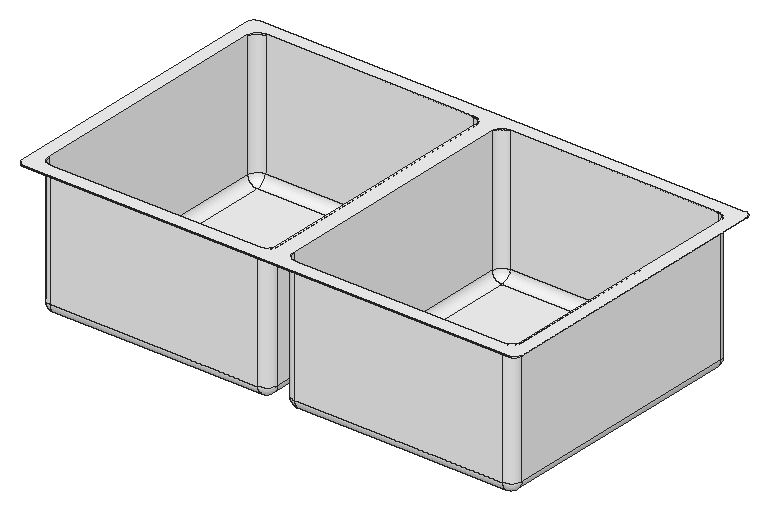
Revit family "NBS_AndersonGECLtd_Snks_SeriesA_Double", category Plumbing Fixtures, host Face, Revit 2017
Family settings
  Host = Face
  Round Connector Dimension = Use Diameter
  Part Type = Normal
  Cut with Voids When Loaded = No
  Shared = No
  Room Calculation Point = No
Parameters (values of type "AD34")
  Waste Connection = yes
  WarrantyStartDate [instance] = "1900-12-31T23:59:59"
  WarrantyGuarantorParts = "n/a"
  WarrantyGuarantorLabor = "n/a"
  WarrantyDurationUnit = "year"
  WarrantyDurationParts = "n/a"
  WarrantyDurationLabor = "n/a"
  WarrantyDescription = "n/a"
  WFU = 0
  Version = "1"  # constant formula
  Vent Connection = no
  Uniclass2015Version = "Products v1.11"
  Uniclass2015Title = "Sinks"
  Uniclass2015Code = "Pr_40_20_96_81"
  TagNumber [instance] = "n/a"
  SustainabilityPerformance = "100% Recyclable"
  Size = "745 x 440 x 200 mm"
  SinkType = "Other"
  SinkMaterial = NBS_Concept
  SinkLevel [instance] = if(IsFlushmount, 1 mm, if(IsUndermount, CountertopThickness + 1 mm, 0 mm))  # 0 mm
  Shape = "Rectangle"
  SerialNumber [instance] = "n/a"
  Revision = "n/a"
  ReplacementCost = "n/a"
  ProductInformation = "http://www.gecanderson.co.uk/product/individual-bowls/a-series/index.html"
  Partition = "25 mm"
  Name = "Sinks_AD34_AndersonGECLtd"
  NBSReference = "45-35-70/344"
  NBSDescription = "Sinks"
  NBSCertification = "www.nationalbimlibrary.com/cert/yxecqxwy"
  Mounting = "Inset, undermount, flushmount"
  ModelReference = "AD34"
  ModelNumber = "34"
  Material = "Stainless steel"
  ManufacturerURL = "www.gecanderson.co.uk"
  ManufacturerName = "Anderson, GEC Ltd"  # constant formula
  Manufacturer = "info@gecanderson.co.uk"  # constant formula
  InstallationDate [instance] = "1900-12-31T23:59:59"
  IfcExportType = "SINK"  # constant formula
  IfcExportAs = "IfcSanitaryTerminalType"  # constant formula
  Grade = "n/a"
  Form = "Double bowled sink"
  FlatFlange = "20 mm with corner radius of 10 mm"
  Finish = "Bright satin"
  Features = "Can be integrated with stainless steel worktops, basket strainer waste and , overflow fittings included"
  ExpectedLife = "30 years"
  DurationUnit = "year"
  DrainSize = 89 mm
  DrainDiameter = 89 mm
  Description = "Double bowled stainless steel sink"
  CornerRadius = 15 mm
  Constituents = "n/a"
  Color = "n/a"
  CodePerformance = "EN 1.4301"
  Category = "Pr_40_20_96_81:Sinks"
  BowlWidthRight = 340 mm
  BowlHeightRight = 200 mm
  NominalWidth = BowlWidthLeft + BowlWidthRight + 65 mm  # 745 mm
  NominalLength = BowlDepth + 40 mm  # 440 mm
  NominalHeight = if(BowlHeightLeft > BowlHeightRight, BowlHeightLeft, BowlHeightRight)  # 200 mm
  MountingOffset [instance] = if(IsUndermount, CountertopThickness, 0 mm)  # 0 mm
  BowlWidthLeft = 340 mm
  BowlDepth = 400 mm
  BowlHeightLeft = 200 mm
  IsUndermount [instance] = no
  IsInset [instance] = yes
  IsFlushmount [instance] = no
  HW Connection = no
  Default Elevation = 0 mm
  CutoutWidth [instance] = if(IsUndermount, BowlWidthLeft + BowlWidthRight + 25 mm, BowlWidthLeft + BowlWidthRight + 35 mm)  # 715 mm
  CutoutLength [instance] = if(IsUndermount, BowlDepth, BowlDepth + 10 mm)  # 410 mm
  CountertopThickness [instance] = 0 mm
  CW Connection = no
  BarCode [instance] = "n/a"
  BIMObjectName = "NBS_AndersonGECLtd_Sinks_AD34"
  Author = "NBS"  # constant formula
  AssetType = "Fixed"
  AssetIdentifier [instance] = "n/a"
  AccessibilityPerformance = "n/a"
Reference planes
  plane 1 "Center (Front/Back)": y = 0
  plane 2: z = 0
  plane 3 "Center (Left/Right)": x = 0
  plane 4 "Bowl1Left": x = -352.5
  plane 5 "Bowl2Right": x = 352.5
  plane 6 "BowlBack": y = 200
  plane 7 "BowlFront": y = -200
  plane 8 "FlangeBack": y = 220
  plane 9 "FlangeFront": y = -220
  plane 10 "FlangeLeft": x = -372.5
  plane 11 "FlangeRight": x = 372.5
  plane 12 "Top": z = 1
  plane 13: z = 1
  plane 14 "LeftBowlBottom": z = -199
  plane 15: z = -204
  plane 16 "Drain": y = 81
  plane 17 "CutoutLeft": x = -357.5
  plane 18 "CutoutRight": x = 357.5
  plane 19 "CutoutBack": y = 205
  plane 20 "CutoutFront": y = -205
  plane 21 "Bowl1Right": x = -12.5
  plane 22 "Bowl2Left": x = 12.5
  plane 23 "Bowl1Centre": x = -182.5
  plane 24 "Bowl2Centre": x = 182.5
  plane 25 "RightBowlBottom": z = -199
  plane 26: z = -204
Forms (mm)
  Extrusion 1, solid, material "NBS_Concept" <- "SinkMaterial", detail levels medium+fine
    sketch origin (-1476.518, -4572, 1) x (-1, 0, 0) y (0, -1, 0)
      loop
        line (-1104.018, -4782) -> (-1104.018, -4362)
        arc (-1104.018, -4362) -> (-1106.947, -4354.929) -> (-1114.018, -4352) r 10
        line (-1114.018, -4352) -> (-1839.018, -4352)
        arc (-1839.018, -4352) -> (-1846.089, -4354.929) -> (-1849.018, -4362) r 10
        line (-1849.018, -4362) -> (-1849.018, -4782)
        arc (-1849.018, -4782) -> (-1846.089, -4789.071) -> (-1839.018, -4792) r 10
        line (-1839.018, -4792) -> (-1114.018, -4792)
        arc (-1114.018, -4792) -> (-1106.947, -4789.071) -> (-1104.018, -4782) r 10
      loop
        arc (-1829.018, -4757) -> (-1824.625, -4767.607) -> (-1814.018, -4772) r 15
        line (-1814.018, -4772) -> (-1504.018, -4772)
        arc (-1504.018, -4772) -> (-1493.411, -4767.607) -> (-1489.018, -4757) r 15
        line (-1489.018, -4757) -> (-1489.018, -4387)
        arc (-1489.018, -4387) -> (-1493.411, -4376.393) -> (-1504.018, -4372) r 15
        line (-1504.018, -4372) -> (-1814.018, -4372)
        arc (-1814.018, -4372) -> (-1824.625, -4376.393) -> (-1829.018, -4387) r 15
        line (-1829.018, -4387) -> (-1829.018, -4757)
      loop
        arc (-1139.018, -4772) -> (-1128.411, -4767.607) -> (-1124.018, -4757) r 15
        line (-1124.018, -4757) -> (-1124.018, -4387)
        arc (-1124.018, -4387) -> (-1128.411, -4376.393) -> (-1139.018, -4372) r 15
        line (-1139.018, -4372) -> (-1449.018, -4372)
        arc (-1449.018, -4372) -> (-1459.625, -4376.393) -> (-1464.018, -4387) r 15
        line (-1464.018, -4387) -> (-1464.018, -4757)
        arc (-1464.018, -4757) -> (-1459.625, -4767.607) -> (-1449.018, -4772) r 15
        line (-1449.018, -4772) -> (-1139.018, -4772)
    from 0 to -1
  Sweep 2, solid, material "NBS_Concept" <- "SinkMaterial", detail levels medium+fine
    path origin (-1476.518, -4572, 1) x (-1, 0, 0) y (0, -1, 0)
      loop
        line (-1124.018, -4757) -> (-1124.018, -4387)
        arc (-1124.018, -4387) -> (-1128.411, -4376.393) -> (-1139.018, -4372) r 15
        line (-1139.018, -4372) -> (-1449.018, -4372)
        arc (-1449.018, -4372) -> (-1459.625, -4376.393) -> (-1464.018, -4387) r 15
        line (-1464.018, -4387) -> (-1464.018, -4757)
        arc (-1464.018, -4757) -> (-1459.625, -4767.607) -> (-1449.018, -4772) r 15
        line (-1449.018, -4772) -> (-1139.018, -4772)
        arc (-1139.018, -4772) -> (-1128.411, -4767.607) -> (-1124.018, -4757) r 15
    profile origin (-352.5, 0, 1) x (1, 0, 0) y (0, 0, 1)
      loop
        line (0, 0) -> (-1, 0) -> (-1, -186)
        arc (-1, -186) -> (3.393, -196.607) -> (14, -201) r 15
        line (14, -201) -> (14, -200)
        arc (14, -200) -> (4.101, -195.899) -> (0, -186) r 14
        line (0, -186) -> (0, 0)
  Extrusion 3, solid, material "NBS_Concept" <- "SinkMaterial", detail levels medium+fine
    sketch origin (-1388.076, -4572, -199) x (-1, 0, 0) y (0, -1, 0)
      loop
        arc (-1049.576, -4387) -> (-1049.869, -4386.293) -> (-1050.576, -4386) r 1
        line (-1050.576, -4386) -> (-1360.576, -4386)
        arc (-1360.576, -4386) -> (-1361.283, -4386.293) -> (-1361.576, -4387) r 1
        line (-1361.576, -4387) -> (-1361.576, -4757)
        arc (-1361.576, -4757) -> (-1361.283, -4757.707) -> (-1360.576, -4758) r 1
        line (-1360.576, -4758) -> (-1050.576, -4758)
        arc (-1050.576, -4758) -> (-1049.869, -4757.707) -> (-1049.576, -4757) r 1
        line (-1049.576, -4757) -> (-1049.576, -4387)
    from 0 to -1
  Extrusion 4, solid, material "NBS_Concept" <- "SinkMaterial", detail levels medium+fine
    sketch origin (-1388.076, -4572, -199) x (-1, 0, 0) y (0, -1, 0)
      loop
        circle (-1205.576, -4653) r 44.5
    from 0 to -5
  Extrusion 5, solid, material "NBS_Concept" <- "SinkMaterial", detail levels coarse
    sketch origin (-1476.518, -4572, 1) x (-1, 0, 0) y (0, -1, 0)
      loop
        line (-1104.018, -4792) -> (-1104.018, -4352) -> (-1849.018, -4352) -> (-1849.018, -4792) -> (-1104.018, -4792)
    from 0 to -1
  Extrusion 6, solid, material "NBS_Concept" <- "SinkMaterial", detail levels coarse
    sketch origin (-1476.518, -4572, 1) x (-1, 0, 0) y (0, -1, 0)
      loop
        arc (-1123.018, -4387) -> (-1127.704, -4375.686) -> (-1139.018, -4371) r 16
        line (-1139.018, -4371) -> (-1449.018, -4371)
        arc (-1449.018, -4371) -> (-1460.332, -4375.686) -> (-1465.018, -4387) r 16
        line (-1465.018, -4387) -> (-1465.018, -4757)
        arc (-1465.018, -4757) -> (-1460.332, -4768.314) -> (-1449.018, -4773) r 16
        line (-1449.018, -4773) -> (-1139.018, -4773)
        arc (-1139.018, -4773) -> (-1127.704, -4768.314) -> (-1123.018, -4757) r 16
        line (-1123.018, -4757) -> (-1123.018, -4387)
    from 0 to -205
  Extrusion 7, void
    sketch origin (0, 0, 0) x (1, 0, 0) y (0, 1, 0)
      loop
        line (-357.5, 190) -> (-357.5, -190)
        arc (-357.5, -190) -> (-353.107, -200.607) -> (-342.5, -205) r 15
        line (-342.5, -205) -> (342.5, -205)
        arc (342.5, -205) -> (353.107, -200.607) -> (357.5, -190) r 15
        line (357.5, -190) -> (357.5, 190)
        arc (357.5, 190) -> (353.107, 200.607) -> (342.5, 205) r 15
        line (342.5, 205) -> (-342.5, 205)
        arc (-342.5, 205) -> (-353.107, 200.607) -> (-357.5, 190) r 15
    from 0 to -204
  Extrusion 8, void
    sketch origin (-1476.518, -4572, 1) x (0, -1, 0) y (-1, 0, 0)
      loop
        line (-4772, -1139.018) -> (-4772, -1449.018)
        arc (-4772, -1449.018) -> (-4767.607, -1459.625) -> (-4757, -1464.018) r 15
        line (-4757, -1464.018) -> (-4387, -1464.018)
        arc (-4387, -1464.018) -> (-4376.393, -1459.625) -> (-4372, -1449.018) r 15
        line (-4372, -1449.018) -> (-4372, -1139.018)
        arc (-4372, -1139.018) -> (-4376.393, -1128.411) -> (-4387, -1124.018) r 15
        line (-4387, -1124.018) -> (-4757, -1124.018)
        arc (-4757, -1124.018) -> (-4767.607, -1128.411) -> (-4772, -1139.018) r 15
    from 0 to 200
  Sweep 9, solid, material "NBS_Concept" <- "SinkMaterial", detail levels medium+fine
    path origin (-1476.518, -4572, 1) x (-1, 0, 0) y (0, -1, 0)
      loop
        line (-1489.018, -4757) -> (-1489.018, -4387)
        arc (-1489.018, -4387) -> (-1493.411, -4376.393) -> (-1504.018, -4372) r 15
        line (-1504.018, -4372) -> (-1814.018, -4372)
        arc (-1814.018, -4372) -> (-1824.625, -4376.393) -> (-1829.018, -4387) r 15
        line (-1829.018, -4387) -> (-1829.018, -4757)
        arc (-1829.018, -4757) -> (-1824.625, -4767.607) -> (-1814.018, -4772) r 15
        line (-1814.018, -4772) -> (-1504.018, -4772)
        arc (-1504.018, -4772) -> (-1493.411, -4767.607) -> (-1489.018, -4757) r 15
    profile origin (12.5, 0, 1) x (1, 0, 0) y (0, 0, 1)
      loop
        line (0, 0) -> (-1, 0) -> (-1, -186)
        arc (-1, -186) -> (3.393, -196.607) -> (14, -201) r 15
        line (14, -201) -> (14, -200)
        arc (14, -200) -> (4.101, -195.899) -> (0, -186) r 14
        line (0, -186) -> (0, 0)
  Extrusion 10, solid, material "NBS_Concept" <- "SinkMaterial", detail levels medium+fine
    sketch origin (0, 0, -199) x (-1, 0, 0) y (0, -1, 0)
      loop
        arc (-26.5, 185) -> (-26.793, 185.707) -> (-27.5, 186) r 1
        line (-27.5, 186) -> (-337.5, 186)
        arc (-337.5, 186) -> (-338.207, 185.707) -> (-338.5, 185) r 1
        line (-338.5, 185) -> (-338.5, -185)
        arc (-338.5, -185) -> (-338.207, -185.707) -> (-337.5, -186) r 1
        line (-337.5, -186) -> (-27.5, -186)
        arc (-27.5, -186) -> (-26.793, -185.707) -> (-26.5, -185) r 1
        line (-26.5, -185) -> (-26.5, 185)
    from 0 to -1
  Extrusion 11, solid, material "NBS_Concept" <- "SinkMaterial", detail levels medium+fine
    sketch origin (0, 0, -199) x (-1, 0, 0) y (0, -1, 0)
      loop
        circle (-182.5, -81) r 44.5
    from 0 to -5
  Extrusion 12, solid, material "NBS_Concept" <- "SinkMaterial", detail levels coarse
    sketch origin (-1476.518, -4572, 1) x (-1, 0, 0) y (0, -1, 0)
      loop
        arc (-1504.018, -4773) -> (-1492.704, -4768.314) -> (-1488.018, -4757) r 16
        line (-1488.018, -4757) -> (-1488.018, -4387)
        arc (-1488.018, -4387) -> (-1492.704, -4375.686) -> (-1504.018, -4371) r 16
        line (-1504.018, -4371) -> (-1814.018, -4371)
        arc (-1814.018, -4371) -> (-1825.332, -4375.686) -> (-1830.018, -4387) r 16
        line (-1830.018, -4387) -> (-1830.018, -4757)
        arc (-1830.018, -4757) -> (-1825.332, -4768.314) -> (-1814.018, -4773) r 16
        line (-1814.018, -4773) -> (-1504.018, -4773)
    from 0 to -205
  Extrusion 13, void
    sketch origin (-1476.518, -4572, 1) x (-1, 0, 0) y (0, -1, 0)
      loop
        line (-1489.018, -4757) -> (-1489.018, -4387)
        arc (-1489.018, -4387) -> (-1493.411, -4376.393) -> (-1504.018, -4372) r 15
        line (-1504.018, -4372) -> (-1814.018, -4372)
        arc (-1814.018, -4372) -> (-1824.625, -4376.393) -> (-1829.018, -4387) r 15
        line (-1829.018, -4387) -> (-1829.018, -4757)
        arc (-1829.018, -4757) -> (-1824.625, -4767.607) -> (-1814.018, -4772) r 15
        line (-1814.018, -4772) -> (-1504.018, -4772)
        arc (-1504.018, -4772) -> (-1493.411, -4767.607) -> (-1489.018, -4757) r 15
    from 0 to -200
Cuts and joins
  joined: Extrusion 1, Sweep 2, Extrusion 3, Extrusion 4, Sweep 9, Extrusion 10, Extrusion 11
  Extrusion 8, Extrusion 13 cuts Extrusion 5
  Extrusion 8 cuts Extrusion 6
  Extrusion 13 cuts Extrusion 12
  joined: Extrusion 5, Extrusion 6, Extrusion 12
Lines and regions (mm)
  model lines, detail levels medium+fine
    curve 1: circle (-182.5, 81, -199) r 44.5 normal (0, 0, 1)
    curve 2: circle (182.5, 81, -199) r 44.5 normal (0, 0, 1)
Dimensions and locks
  equal spacing: plane 4 "Bowl1Left", plane 3 "Center (Left/Right)", plane 5 "Bowl2Right"
  equal spacing: plane 7 "BowlFront", plane 1 "Center (Front/Back)", plane 6 "BowlBack"
  locked: plane 8 "FlangeBack" to plane 6 "BowlBack" at 20
  locked: plane 9 "FlangeFront" to plane 7 "BowlFront" at 20
  locked: plane 10 "FlangeLeft" to plane 4 "Bowl1Left" at 20
  locked: plane 5 "Bowl2Right" to plane 11 "FlangeRight" at 20
  locked: plane 13 to level at 1
  "SinkLevel": plane 13 to plane 12 "Top"
  "BowlHeightLeft": plane 12 "Top" to plane 14 "LeftBowlBottom"
  locked: plane 14 "LeftBowlBottom" to plane 15 at 5
  locked: plane 6 "BowlBack" to plane 16 "Drain" at 119
  equal spacing: plane 17 "CutoutLeft", plane 3 "Center (Left/Right)", plane 18 "CutoutRight"
  "CutoutWidth": plane 17 "CutoutLeft" to plane 18 "CutoutRight"
  equal spacing: plane 20 "CutoutFront", plane 1 "Center (Front/Back)", plane 19 "CutoutBack"
  "CutoutLength": plane 20 "CutoutFront" to plane 19 "CutoutBack"
  "BowlDepth": plane 7 "BowlFront" to plane 6 "BowlBack"
  "BowlWidthLeft": plane 4 "Bowl1Left" to plane 21 "Bowl1Right"
  locked: plane 21 "Bowl1Right" to plane 22 "Bowl2Left" at 25
  "BowlWidthRight": plane 22 "Bowl2Left" to plane 5 "Bowl2Right"
  equal spacing: plane 4 "Bowl1Left", plane 23 "Bowl1Centre", plane 21 "Bowl1Right"
  equal spacing: plane 22 "Bowl2Left", plane 24 "Bowl2Centre", plane 5 "Bowl2Right"
  locked: plane 25 "RightBowlBottom" to plane 26 at 5
  "BowlHeightRight": plane 12 "Top" to plane 25 "RightBowlBottom"
  radius of Extrusion 7 sketch curve = 15 mm  (x4)
  aligned and locked: plane 2 to host face
  aligned and locked: level to host face
  aligned and locked: Extrusion 1 sketch curve to plane 10 "FlangeLeft"
  aligned and locked: Extrusion 1 sketch curve to plane 8 "FlangeBack"
  aligned and locked: plane 11 "FlangeRight" to Extrusion 1 sketch curve
  aligned and locked: plane 5 "Bowl2Right" to Extrusion 1 sketch curve
  aligned and locked: Extrusion 1 sketch curve to plane 6 "BowlBack"  (x2)
  aligned and locked: plane 7 "BowlFront" to Extrusion 1 sketch curve  (x2)
  aligned and locked: plane 9 "FlangeFront" to Extrusion 1 sketch curve
  aligned and locked: Extrusion 1 sketch curve to plane 4 "Bowl1Left"
  aligned and locked: Sweep 2 sketch curve to plane 4 "Bowl1Left"  (x2)
  aligned and locked: Sweep 2 sketch curve to plane 6 "BowlBack"
  aligned and locked: plane 7 "BowlFront" to Sweep 2 sketch curve
  aligned and locked: Sweep 2 sketch curve to plane 12 "Top"
  aligned and locked: plane 14 "LeftBowlBottom" to Sweep 2 sketch curve
  aligned and locked: Extrusion 4 to plane 15
  aligned and locked: Extrusion 5 sketch curve to plane 10 "FlangeLeft"
  aligned and locked: plane 11 "FlangeRight" to Extrusion 5 sketch curve
  aligned and locked: Extrusion 5 sketch curve to plane 8 "FlangeBack"
  aligned and locked: plane 9 "FlangeFront" to Extrusion 5 sketch curve
  aligned and locked: Extrusion 6 to plane 15
  aligned and locked: Extrusion 7 sketch curve to plane 17 "CutoutLeft"
  aligned and locked: Extrusion 7 sketch curve to plane 19 "CutoutBack"
  aligned and locked: plane 18 "CutoutRight" to Extrusion 7 sketch curve
  aligned and locked: plane 20 "CutoutFront" to Extrusion 7 sketch curve
  aligned and locked: Extrusion 7 to plane 15
  aligned and locked: Extrusion 8 sketch curve to plane 6 "BowlBack"
  aligned and locked: Extrusion 8 sketch curve to plane 4 "Bowl1Left"
  aligned and locked: plane 7 "BowlFront" to Extrusion 8 sketch curve
  aligned and locked: Extrusion 8 to plane 14 "LeftBowlBottom"
  aligned and locked: plane 16 "Drain" to Extrusion 4 sketch curve
  aligned and locked: plane 23 "Bowl1Centre" to Extrusion 4 sketch curve
  aligned and locked: Extrusion 1 sketch curve to plane 21 "Bowl1Right"
  aligned and locked: Extrusion 1 sketch curve to plane 22 "Bowl2Left"
  aligned and locked: Sweep 2 sketch curve to plane 21 "Bowl1Right"
  aligned and locked: Extrusion 3 sketch curve to cut or joined group of Extrusion 1, Sweep 2, Extrusion 3, Extrusion 4, Sweep 9, Extrusion 10, Extrusion 11  (x2)
  aligned and locked: Sweep 9 sketch curve to plane 22 "Bowl2Left"
  aligned and locked: Sweep 9 sketch curve to plane 6 "BowlBack"
  aligned and locked: plane 5 "Bowl2Right" to Sweep 9 sketch curve
  aligned and locked: plane 7 "BowlFront" to Sweep 9 sketch curve
  aligned and locked: plane 25 "RightBowlBottom" to Sweep 9 sketch curve
  aligned and locked: Extrusion 10 sketch curve to Sweep 9  (x4)
  aligned and locked: plane 24 "Bowl2Centre" to Extrusion 11 sketch curve
  aligned and locked: plane 16 "Drain" to Extrusion 11 sketch curve
  aligned and locked: Extrusion 11 to plane 26
  aligned and locked: plane 21 "Bowl1Right" to Extrusion 8 sketch curve
  aligned and locked: Extrusion 12 to plane 26
  aligned and locked: Extrusion 13 sketch curve to plane 22 "Bowl2Left"
  aligned and locked: Extrusion 13 sketch curve to plane 6 "BowlBack"
  aligned and locked: plane 5 "Bowl2Right" to Extrusion 13 sketch curve
  aligned and locked: plane 7 "BowlFront" to Extrusion 13 sketch curve
  aligned and locked: Extrusion 13 to plane 25 "RightBowlBottom"
Automatic sketch dimensions
  host sketch curve to host sketch curve = 2438.4 mm  (x2)
  Sweep 2 sketch curve to Sweep 2 sketch curve = 0 mm
  Sweep 2 sketch curve to Sweep 2 sketch curve = 1 mm
  Sweep 2 sketch curve to Sweep 2 sketch curve = 14 mm
  plane 4 "Bowl1Left" to Extrusion 3 sketch curve = 15 mm
  Extrusion 3 sketch curve to Extrusion 3 sketch curve = 1 mm  (x2)
  curve 1 to plane 16 "Drain" = 0 mm
  curve 1 to plane 23 "Bowl1Centre" = 0 mm
  Extrusion 1 sketch curve to plane 18 "CutoutRight" = 5 mm  (x2)
  Extrusion 1 sketch curve to Extrusion 1 sketch curve = 15 mm  (x3)
  plane 22 "Bowl2Left" to Extrusion 1 sketch curve = 15 mm
  Extrusion 1 sketch curve to plane 21 "Bowl1Right" = 15 mm
  Extrusion 1 sketch curve to plane 6 "BowlBack" = 15 mm
  plane 4 "Bowl1Left" to Extrusion 1 sketch curve = 15 mm  (x2)
  Extrusion 1 sketch curve to plane 17 "CutoutLeft" = 5 mm  (x2)
  Sweep 2 sketch curve to plane 21 "Bowl1Right" = 15 mm
  Sweep 2 sketch curve to Sweep 2 sketch curve = 15 mm
  plane 4 "Bowl1Left" to Sweep 2 sketch curve = 15 mm  (x2)
  plane 5 "Bowl2Right" to Sweep 9 sketch curve = 15 mm
  Sweep 9 sketch curve to Sweep 9 sketch curve = 15 mm
  Sweep 9 sketch curve to plane 7 "BowlFront" = 15 mm
  Sweep 9 sketch curve to plane 6 "BowlBack" = 15 mm
  Sweep 9 sketch curve to Sweep 9 sketch curve = 0 mm
  profile plane to Sweep 9 sketch curve = 1 mm
  Sweep 9 sketch curve to Sweep 9 sketch curve = 1 mm
  Sweep 9 sketch curve to Sweep 9 sketch curve = 14 mm
  plane 12 "Top" to Sweep 9 sketch curve = 0 mm
  curve 2 to plane 16 "Drain" = 0 mm
  curve 2 to plane 24 "Bowl2Centre" = 0 mm
  Extrusion 8 sketch curve to plane 6 "BowlBack" = 15 mm
  plane 4 "Bowl1Left" to Extrusion 8 sketch curve = 15 mm  (x2)
  Extrusion 8 sketch curve to plane 7 "BowlFront" = 15 mm
  plane 21 "Bowl1Right" to Extrusion 6 sketch curve = 1 mm
  Extrusion 6 sketch curve to plane 21 "Bowl1Right" = 15 mm
  plane 4 "Bowl1Left" to Extrusion 6 sketch curve = 15 mm  (x2)
  Extrusion 6 sketch curve to plane 4 "Bowl1Left" = 1 mm
  plane 6 "BowlBack" to Extrusion 6 sketch curve = 1 mm
  Extrusion 6 sketch curve to plane 6 "BowlBack" = 15 mm
  Extrusion 6 sketch curve to plane 7 "BowlFront" = 15 mm
  Extrusion 12 sketch curve to plane 5 "Bowl2Right" = 1 mm
  plane 6 "BowlBack" to Extrusion 12 sketch curve = 1 mm
  plane 5 "Bowl2Right" to Extrusion 12 sketch curve = 15 mm  (x2)
  plane 7 "BowlFront" to Extrusion 12 sketch curve = 1 mm
  plane 22 "Bowl2Left" to Extrusion 12 sketch curve = 15 mm  (x2)
  Extrusion 12 sketch curve to plane 22 "Bowl2Left" = 1 mm
  Extrusion 13 sketch curve to Extrusion 13 sketch curve = 15 mm
  plane 5 "Bowl2Right" to Extrusion 13 sketch curve = 15 mm
  Extrusion 13 sketch curve to plane 7 "BowlFront" = 15 mm
  plane 22 "Bowl2Left" to Extrusion 13 sketch curve = 15 mm
  radius of Extrusion 4 sketch curve = 44.5 mm
  radius of curve 1 = 44.5 mm
  radius of curve 2 = 44.5 mm
  radius of Extrusion 11 sketch curve = 44.5 mm
Connectors
  piping at (-182.5, 81, -204), diameter 89, driven by "WFU"
    settings: on cut or joined group of Extrusion 1, Sweep 2, Extrusion 3, Extrusion 4, Sweep 9, Extrusion 10, Extrusion 11, index 1, connector inside diameter 609.6 mm, connector length 0 mm, flow factor 0, pipe flow 0.0 L/s, pressure drop 0.0 Pa, fitting loss kfactor 0, connector angle 0.00°, fixture units 0, engagement length 0 mm, angle of deflection 0.00°, flow configuration 3, flow direction 2, fitting loss method 0, system type 16, joint type 0, gender type 0, connector reference index -1, connector utility 0, adjustable connector no, is connector primary yes, connector description "Waste outlet"
  piping at (182.5, 81, -204), diameter 89, driven by "WFU"
    settings: on cut or joined group of Extrusion 1, Sweep 2, Extrusion 3, Extrusion 4, Sweep 9, Extrusion 10, Extrusion 11, index 2, connector inside diameter 609.6 mm, connector length 0 mm, flow factor 0, pipe flow 0.0 L/s, pressure drop 0.0 Pa, fitting loss kfactor 0, connector angle 0.00°, fixture units 0, engagement length 0 mm, angle of deflection 0.00°, flow configuration 3, flow direction 2, fitting loss method 0, system type 16, joint type 0, gender type 0, connector reference index -1, connector utility 0, adjustable connector no, is connector primary no, connector description "Waste outlet"
Types in the file's own list only (8): name | Size | Name | ModelReference | ModelNumber | BowlWidthRight | BowlHeightRight | NominalWidth | BowlWidthLeft | BowlHeightLeft | BIMObjectName
  A3418 | "585 x 440 x 200 mm" | "Sinks_A3418_AndersonGECLtd" | "A3418" | "A3418" | 180 mm | 170 mm | 585 mm | 340 mm | 200 mm | "NBS_AndersonGECLtd_Sinks_A3418"
  A1834 | "585 x 440 x 200 mm" | "Sinks_A1834_AndersonGECLtd" | "A1834" | "A1834" | 340 mm | 200 mm | 585 mm | 180 mm | 170 mm | "NBS_AndersonGECLtd_Sinks_A1834"
  A5018 | "745 x 440 x 200 mm" | "Sinks_A5018_AndersonGECLtd" | "A5018" | "A5018" | 180 mm | 170 mm | 745 mm | 500 mm | 200 mm | "NBS_AndersonGECLtd_Sinks_A5018"
  A1850 | "745 x 440 x 200 mm" | "Sinks_A1850_AndersonGECLtd" | "A1850" | "A1850" | 500 mm | 200 mm | 745 mm | 180 mm | 170 mm | "NBS_AndersonGECLtd_Sinks_A1850"
  A5023 | "795 x 440 x 200 mm" | "Sinks_A5023_AndersonGECLtd" | "A5023" | "A5023" | 230 mm | 170 mm | 795 mm | 500 mm | 200 mm | "NBS_AndersonGECLtd_Sinks_A5023"
  A2350 | "795 x 440 x 200 mm" | "Sinks_A2350_AndersonGECLtd" | "A2350" | "A2350" | 500 mm | 200 mm | 795 mm | 230 mm | 170 mm | "NBS_AndersonGECLtd_Sinks_A2350"
  A5523 | "845 x 440 x 200 mm" | "Sinks_A5523_AndersonGECLtd" | "A5523" | "A5523" | 230 mm | 170 mm | 845 mm | 550 mm | 200 mm | "NBS_AndersonGECLtd_Sinks_A5523"
  A2355 | "845 x 440 x 200 mm" | "Sinks_A2355_AndersonGECLtd" | "A2355" | "A2355" | 550 mm | 200 mm | 845 mm | 230 mm | 170 mm | "NBS_AndersonGECLtd_Sinks_A2355"
